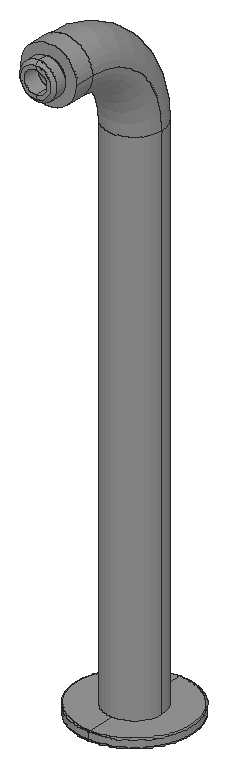
Revit family "Shower-Showerarm-KOHLER-K-15396T", category Plumbing Fixtures, host Face, Revit 2017
Family settings
  Host = Face
  Round Connector Dimension = Use Diameter
  Part Type = Normal
  OmniClass Number = 23.31.17.00
  OmniClass Title = Showers
  Cut with Voids When Loaded = No
  Shared = No
  Room Calculation Point = No
Parameters (values of type "Not A Type - See Type Catalog")
  Width = 2 143/256"  # constant formula
  WaterSense Certified = 1 = 0  # no
  Waste Water Outlet = "Waste Water Outlet"  # constant formula
  Waste Connection = 1 = 0  # no
  Vent Connection = 1 = 0  # no
  URL = "http://www.kohler.com.cn/"
  Type = 0
  Product Page URL = "https://www.kohler.com.cn/product/K-15396T-B-CP/K-15396T-B-2MB/"
  Product Name = ""
  Product Documentation Link = "https://files.kohler.com.cn/pdfs/1532355062497_15397T-B-CP%2015396T-B-CP%2015399T-B-CP%2015398T-B-CP%2021776T-CP%20安装说明书.pdf"
  Pressure = 0.00 psi
  Model = if(Type = 1, "K-15396T-B-2BZ", if(Type = 2, "K-15396T-B-RGD ", if(Type = 3, "K-15396T-B-TT", if(Type = 4, "K-15396T-B-BV", if(Type = 5, "K-15396T-B-PGD", if(Type = 6, "K-15396T-B-SN", if(Type = 7, "K-15396T-B-BN", if(Type = 8, "K-15396T-B-AF", if(Type = 9, "K-15396T-B-CP", if(Type = 10, "K-15396T-B-2BL", if(Type = 11, "K-15396T-B-BL", if(Type = 12, "K-15396T-B-2MB", "NA"))))))))))))  # "NA"
  Material = "Premium Metal Construction"  # constant formula
  Master Format 2014 Name = "Residential Showers"  # constant formula
  Master Format 2014 = "22 42 23"  # constant formula
  Manufacturer Address = "Kohler Beijing Office (100016) 36-2-03-B, No. 88, Liuxiang Road, Beijing"  # constant formula
  Manufacturer = "KOHLER Co."  # constant formula
  Length = 13 55/64"  # constant formula
  Hot Water Inlet = "Tempered Water Inlet"  # constant formula
  Height = 4 9/256"  # constant formula
  HW Connection = 1 = 1  # yes
  Flow Rate = 0 GPM
  Finish = Default
  Environmental Product Declaration = ""
  Drain Included = 1 = 0  # no
  Description = "Rain Wall Mount Shower Arm 15inch"  # constant formula
  Default Elevation = 72"
  Declare Label = ""
  Date Modified = "09/22/2020"  # constant formula
  Date Created = "09/22/2020"  # constant formula
  Copyright = "Copyright KOHLER Co."  # constant formula
  Contact Us = "http://www.kohler.com.cn/contact/contact-us/"
  Cold Water Inlet = "Cold Water Inlet"  # constant formula
  CW Connection = 1 = 0  # no
  Assembly Code = "D2010700"
  ADA Compliant = 1 = 0  # no
Reference planes (in)
  plane 1 "Center (Front/Back)": y = 0
  plane 2: z = 0
  plane 3 "Center (Left/Right)": x = 0
  plane 4: y = 1.27953
  plane 5: y = -1.27953
  plane 6: x = -1.27953
  plane 7: x = 1.27907
  plane 8: y = -2.75563
  plane 9: z = 13.85937
Dimensions and locks (in)
  "Height": plane 4 to plane 8
  "Length": level to plane 9
  "Width": plane 6 to plane 7
  aligned and locked: plane 2 to host face
  aligned and locked: level to host face
Automatic sketch dimensions
  host sketch curve to host sketch curve = 96"  (x2)
Nested families (in)
  nested 1: "K-15396T" at (0, 0, 0), type "K-15396T"
Connectors (in)
  piping at (0, 0, 0), diameter 0.5, driven by "HW Connection", driven by "Hot Water Inlet"
    settings: on nested 1, index 1, connector inside diameter 24", connector length 0", flow factor 0, pipe flow 0 GPM, pressure drop 0.00 psi, fitting loss kfactor 0, connector angle 0.00°, fixture units 0, engagement length 0", angle of deflection 0.00°, flow configuration 0, flow direction 1, fitting loss method 0, system type 19, joint type 0, gender type 0, connector reference index -1, connector utility 1, adjustable connector no, is connector primary yes, connector description "Tempered Water Inlet"
Definition of nested family "K-15396T"
  Parameters (values of type "K-15396T")
    Material = none
  Reference planes (in)
    plane 1 "Center (Front/Back)": y = 0
    plane 2: z = 0
    plane 3 "Center (Left/Right)": x = 0
    plane 4: y = 1.27953
    plane 5: y = -1.27953
    plane 6: x = -1.27953
    plane 7: x = 1.27953
    plane 8: z = 13.85827
    plane 9: y = -2.75591
  Forms (in)
    Sweep 1, solid, material <- "Material", detail levels medium+fine
      path origin (0, 0, 0) x (0, 1, 0) y (0, 0, 1)
        loop
          line (-2.38976, 13.85827) -> (-1.95703, 13.85827)
          arc (-1.95703, 13.85827) -> (-0.5732, 13.28507) -> (0, 11.90124) r 1.95703
          line (0, 11.90124) -> (0, 0.19685)
      profile origin (0, 0, 6.04904) x (1, 0, 0) y (0, 1, 0)
        loop
          circle (0, 0) r 0.625
    Revolve 2, solid, material <- "Material", detail levels medium+fine
      sketch origin (0, 0, 0.11319) x (0, 1, 0) y (0, 0, 1)
        loop
          line (-2.38976, 13.99963) -> (-2.38976, 14.11019) -> (-2.46457, 14.11019) -> (-2.46457, 14.15883) -> (-2.68133, 14.15883) -> (-2.75591, 14.08426) -> (-2.75591, 13.99963) -> (-2.38976, 13.99963)
        axis (-2.38976, 13.74508) -> (-2.75591, 13.74508)
      angle from 0 to 360
    Revolve 3, solid, material <- "Material", detail levels medium+fine
      sketch origin (0, 0, 0) x (0, 1, 0) y (0, 0, 1)
        loop
          arc (-1.25845, 0.19685) -> (-1.27335, 0.19068) -> (-1.27953, 0.17577) r 0.02108
          line (-1.27953, 0.17577) -> (-1.27953, 0.02065)
          arc (-1.27953, 0.02065) -> (-1.27348, 0.00605) -> (-1.25888, 0) r 0.02065
          line (-1.25888, 0) -> (0, 0) -> (0, 0.19685) -> (-1.25845, 0.19685)
        axis (0, 0) -> (0, 0.19685)
      angle from 0 to 360
    Revolve 4, solid, material <- "Material", detail levels coarse
      sketch origin (0, 0, 0) x (0, 1, 0) y (0, 0, 1)
        loop
          line (-1.27953, 0.19685) -> (-1.27953, 0) -> (0, 0) -> (0, 0.19685) -> (-1.27953, 0.19685)
        axis (0, 0) -> (0, 0.19685)
      angle from 0 to 360
    Sweep 5, solid, material <- "Material", detail levels coarse
      path origin (0, 0, 0) x (0, 1, 0) y (0, 0, 1)
        loop
          line (-2.75591, 13.85827) -> (-1.95703, 13.85827)
          arc (-1.95703, 13.85827) -> (-0.5732, 13.28507) -> (0, 11.90124) r 1.95703
          line (0, 11.90124) -> (0, 0.19685)
      profile origin (0, 0, 6.04904) x (1, 0, 0) y (0, 1, 0)
        loop
          circle (0, 0) r 0.625
    Extrusion 6, solid, material <- "Material"
      sketch origin (0, 0, 0) x (1, 0, 0) y (0, 1, 0)
        loop
          circle (0, 0) r 0.25
      from 0 to 0.0625
  Cuts and joins
    joined: Sweep 1, Revolve 2, Revolve 3
    joined: Revolve 4, Sweep 5
  Lines and regions (in)
    Masking region 1
      outline origin (0, 0, 0) x (0, 1, 0) y (0, 0, 1)
        loop
          arc (1.25873, 0) -> (1.27344, 0.00609) -> (1.27953, 0.0208) r 0.0208
          line (1.27953, 0.0208) -> (1.27953, 0.17616)
          arc (1.27953, 0.17616) -> (1.27347, 0.19079) -> (1.25884, 0.19685) r 0.02069
          line (1.25884, 0.19685) -> (0.625, 0.19685) -> (0.625, 11.90327)
          arc (0.625, 11.90327) -> (-0.13066, 13.7276) -> (-1.955, 14.48327) r 2.58
          line (-1.955, 14.48327) -> (-2.38976, 14.48327) -> (-2.38976, 14.22159) -> (-2.46457, 14.22159) -> (-2.46457, 14.27202) -> (-2.68133, 14.27202) -> (-2.75591, 14.19745) -> (-2.75591, 13.51909) -> (-2.68133, 13.44451) -> (-2.46457, 13.44451) -> (-2.46457, 13.49495) -> (-2.38976, 13.49495) -> (-2.38976, 13.23327) -> (-1.96698, 13.23327)
          arc (-1.96698, 13.23327) -> (-1.01806, 12.84021) -> (-0.625, 11.89128) r 1.34198
          line (-0.625, 11.89128) -> (-0.625, 0.19685) -> (-1.25884, 0.19685)
          arc (-1.25884, 0.19685) -> (-1.27347, 0.19079) -> (-1.27953, 0.17616) r 0.02069
          line (-1.27953, 0.17616) -> (-1.27953, 0.0208)
          arc (-1.27953, 0.0208) -> (-1.27344, 0.00609) -> (-1.25873, 0) r 0.0208
          line (-1.25873, 0) -> (1.25873, 0)
    Masking region 2
      outline origin (0, 0, 0) x (1, 0, 0) y (0, 0, 1)
        loop
          arc (1.25873, 0) -> (1.27344, 0.00609) -> (1.27953, 0.0208) r 0.0208
          line (1.27953, 0.0208) -> (1.27953, 0.17616)
          arc (1.27953, 0.17616) -> (1.27347, 0.19079) -> (1.25884, 0.19685) r 0.02069
          line (1.25884, 0.19685) -> (0.625, 0.19685) -> (0.625, 13.85827)
          arc (0.625, 13.85827) -> (0, 14.48327) -> (-0.625, 13.85827) r 0.625
          line (-0.625, 13.85827) -> (-0.625, 0.19685) -> (-1.25884, 0.19685)
          arc (-1.25884, 0.19685) -> (-1.27347, 0.19079) -> (-1.27953, 0.17616) r 0.02069
          line (-1.27953, 0.17616) -> (-1.27953, 0.0208)
          arc (-1.27953, 0.0208) -> (-1.27344, 0.00609) -> (-1.25873, 0) r 0.0208
          line (-1.25873, 0) -> (1.25873, 0)
    Masking region 3
      outline origin (0, 0, 0) x (1, 0, 0) y (0, 1, 0)
        loop
          arc (0.625, -1.1165) -> (0, 1.27953) -> (-0.625, -1.1165) r 1.27953
          line (-0.625, -1.1165) -> (-0.625, -2.38976) -> (-0.36511, -2.38976) -> (-0.36511, -2.46457) -> (-0.41375, -2.46457) -> (-0.41375, -2.68133) -> (-0.33918, -2.75591) -> (0.33918, -2.75591) -> (0.41375, -2.68133) -> (0.41375, -2.46457) -> (0.36511, -2.46457) -> (0.36511, -2.38976) -> (0.625, -2.38976) -> (0.625, -1.1165)
    symbolic lines, detail levels medium+fine
      curve 1: line (0, 0.625, 0.19685) -> (0, -0.625, 0.19685)
      curve 2: line (0, 1.27953, 0.17616) -> (0, -1.27953, 0.17616)
      curve 3: line (0, 1.27953, 0.0208) -> (0, -1.27953, 0.0208)
      curve 4: line (0, -2.38976, 14.22338) -> (0, -2.38976, 13.49316)
      curve 5: line (0, -2.46457, 14.22338) -> (0, -2.46457, 13.49316)
      curve 6: line (0, -2.68133, 14.27202) -> (0, -2.68133, 13.44451)
      curve 7: line (0, -2.57295, 14.27202) -> (0, -2.57295, 13.44451)
      curve 8: line (0, -2.64617, 14.27202) -> (0, -2.64617, 13.44451)
      curve 9: line (0, -2.61102, 14.27202) -> (0, -2.61102, 13.44451)
      curve 10: line (0, -2.53779, 14.27202) -> (0, -2.53779, 13.44451)
      curve 11: line (0, -2.50264, 14.27202) -> (0, -2.50264, 13.44451)
      curve 12: line (0.625, 0, 0.19685) -> (-0.625, 0, 0.19685)
      curve 13: line (1.27953, 0, 0.17616) -> (-1.27953, 0, 0.17616)
      curve 14: line (1.27953, 0, 0.0208) -> (-1.27953, 0, 0.0208)
      curve 15: arc (0.625, 0, 0) -> (0, 0.625, 0) -> (-0.625, 0, 0) r 0.625
      curve 16: line (-0.625, -1.1165, 0) -> (-0.625, 0, 0)
      curve 17: line (0.625, -1.1165, 0) -> (0.625, 0, 0)
      curve 18: line (-0.36511, -2.38976, 0) -> (0.36511, -2.38976, 0)
      curve 19: line (-0.36511, -2.46457, 0) -> (0.36511, -2.46457, 0)
      curve 20: line (-0.41375, -2.68133, 0) -> (0.41375, -2.68133, 0)
      curve 21: line (-0.41375, -2.63836, 0) -> (0.41375, -2.63836, 0)
      curve 22: line (-0.41375, -2.59539, 0) -> (0.41375, -2.59539, 0)
      curve 23: line (-0.41375, -2.55242, 0) -> (0.41375, -2.55242, 0)
      curve 24: line (-0.41375, -2.50946, 0) -> (0.41375, -2.50946, 0)
  Dimensions and locks (in)
    aligned and locked: plane 2 to level
Types in the file's own list only (12): name | Width | Type | Product Page URL | Product Documentation Link | Model | Length | Height | Finish
  2BZ-Oil Rubbed Bronze | 2 9/16" | 1 | "https://www.kohler.com.cn/product/K-15396T-B-CP/K-15396T-B-2BZ/" | "https://files.kohler.com.cn/pdfs/1532355062497_15397T-B-CP%2015396T-B-CP%2015399T-B-CP%2015398T-B-CP%2021776T-CP%20安装说明书.pdf" | "K-15396T-B-2BZ" | 13 7/8" | 4 1/16" | Kohler-Metal-2BZ-Elegant_Black
  RGD-Rose Gold | 2 9/16" | 2 | "https://www.kohler.com.cn/product/K-15396T-B-CP/K-15396T-B-RGD/" | "https://files.kohler.com.cn/pdfs/1532355062497_15397T-B-CP%2015396T-B-CP%2015399T-B-CP%2015398T-B-CP%2021776T-CP%20安装说明书.pdf" | "K-15396T-B-RGD" | 13 7/8" | 4 1/16" | Kohler-Metal-RGD-Rose_Gold
  TT-Titanium | 2 9/16" | 3 | "https://www.kohler.com.cn/product/K-15396T-B-CP/K-15396T-B-TT/" | "https://files.kohler.com.cn/pdfs/1532355062497_15397T-B-CP%2015396T-B-CP%2015399T-B-CP%2015398T-B-CP%2021776T-CP%20安装说明书.pdf" | "K-15396T-B-TT" | 13 7/8" | 4 1/16" | Kohler-Metal-TT-Titanium_Silver
  BV-Vibrant Brushed Bronze | 2 9/16" | 4 | "https://www.kohler.com.cn/product/K-15396T-B-CP/K-15396T-B-BV/" | "https://files.kohler.com.cn/pdfs/1532355062497_15397T-B-CP%2015396T-B-CP%2015399T-B-CP%2015398T-B-CP%2021776T-CP%20安装说明书.pdf" | "K-15396T-B-BV" | 13 7/8" | 4 1/16" | Kohler-Metal-BV-Roman_Copper
  PGD-Eternal Gold | 2 9/16" | 5 | "https://www.kohler.com.cn/product/K-15396T-B-CP/K-15396T-B-PGD/" | "https://files.kohler.com.cn/pdfs/1532355062497_15397T-B-CP%2015396T-B-CP%2015399T-B-CP%2015398T-B-CP%2021776T-CP%20安装说明书.pdf" | "K-15396T-B-PGD" | 13 7/8" | 4 1/16" | Kohler-Metal-PGD-Eternal_Gold
  SN-Champagne Gold | 2 9/16" | 6 | "https://www.kohler.com.cn/product/K-15396T-B-CP/K-15396T-B-SN/" | "https://files.kohler.com.cn/pdfs/1532355062497_15397T-B-CP%2015396T-B-CP%2015399T-B-CP%2015398T-B-CP%2021776T-CP%20安装说明书.pdf" | "K-15396T-B-SN" | 13 7/8" | 4 1/16" | Kohler-Metal-SN-Champagne_Gold
  BN-Roman Silver | 2 9/16" | 7 | "https://www.kohler.com.cn/product/K-15396T-B-CP/K-15396T-B-BN/" | "https://files.kohler.com.cn/pdfs/1532355062497_15397T-B-CP%2015396T-B-CP%2015399T-B-CP%2015398T-B-CP%2021776T-CP%20安装说明书.pdf" | "K-15396T-B-BN" | 13 7/8" | 4 1/16" | Kohler-Metal-BN-Roman_Silver
  AF-Flange Gold | 2 9/16" | 8 | "https://www.kohler.com.cn/product/K-15396T-B-CP/K-15396T-B-AF/" | "https://files.kohler.com.cn/pdfs/1532355062497_15397T-B-CP%2015396T-B-CP%2015399T-B-CP%2015398T-B-CP%2021776T-CP%20安装说明书.pdf" | "K-15396T-B-AF" | 13 7/8" | 4 1/16" | Kohler-Metal-AF-Flange_Gold
  CP-Polished Chrome | 2 9/16" | 9 | "https://www.kohler.com.cn/product/K-15396T-B-CP/K-15396T-B-CP/" | "https://files.kohler.com.cn/pdfs/1532355062497_15397T-B-CP%2015396T-B-CP%2015399T-B-CP%2015398T-B-CP%2021776T-CP%20安装说明书.pdf" | "K-15396T-B-CP" | 13 7/8" | 4 1/16" | Kohler-Metal-CP-Polished_Chrome
  2BL-Original Black | 2 9/16" | 10 | "https://www.kohler.com.cn/product/K-15396T-B-CP/K-15396T-B-2BL/" | "https://files.kohler.com.cn/pdfs/1532355062497_15397T-B-CP%2015396T-B-CP%2015399T-B-CP%2015398T-B-CP%2021776T-CP%20安装说明书.pdf" | "K-15396T-B-2BL" | 13 7/8" | 4 1/16" | Kohler-Metal-2BL-Original_Black
  BL-Matte Black | 2 9/16" | 11 | "https://www.kohler.com.cn/product/K-15396T-B-BL/K-15396T-B-BL/" | "https://files.kohler.com.cn/pdfs/1566294584262_15397T-B-CP%2015396T-B-CP%2015399T-B-CP%2015398T-B-CP%2021776T-CP%20安装说明书.pdf" | "K-15396T-B-BL" | 13 7/8" | 4 1/16" | Kohler-Metal-BL-Matte_Black
  2MB-Vibrant Brushed Moderne Brass | 2 9/16" | 12 | "https://www.kohler.com.cn/product/K-15396T-B-CP/K-15396T-B-2MB/" | "https://files.kohler.com.cn/pdfs/1532355062497_15397T-B-CP%2015396T-B-CP%2015399T-B-CP%2015398T-B-CP%2021776T-CP%20安装说明书.pdf" | "K-15396T-B-2MB" | 13 7/8" | 4 1/16" | Kohler-Metal-2MB-Vibrant_Brushed_Moderne_Brass
